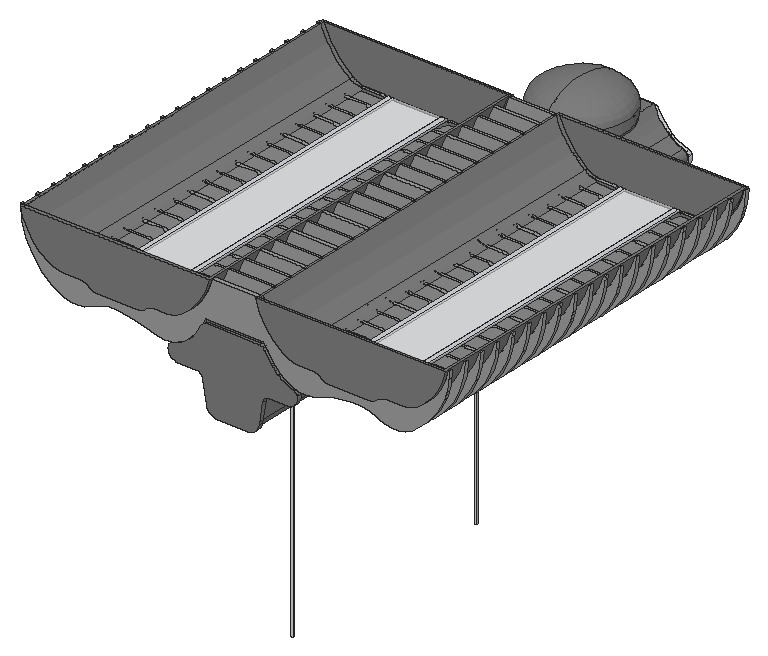
Revit family "0039277 Feilo Sylvania Lighting Fixtures SYLBAY LED 4000K 13KLM AISLE 1-10V PIR", category Lighting Fixtures, host Face, Revit 2017 (continued)
Definition of nested family "SylbayBody"
  Definition of nested family "SlybayRib"
    Forms (mm)
      Extrusion 2, solid, material <- "BodyMaterial"
        sketch origin (0, 0, 0) x (1, 0, 0) y (0, 0, 1)
          loop
            line (117.917, -43.728) -> (84.583, -43.728)
            arc (84.583, -43.728) -> (81.421, -43.215) -> (78.583, -41.728) r 10
            line (78.583, -41.728) -> (75.917, -39.728)
            arc (75.917, -39.728) -> (73.079, -38.242) -> (69.917, -37.728) r 10
            line (69.917, -37.728) -> (58.25, -37.728)
            arc (58.25, -37.728) -> (51.55, -36.705) -> (45.461, -33.728) r 22.443
            arc (45.461, -33.728) -> (30.027, -18.905) -> (20, 0) r 67.602
            line (20, 0) -> (-20, 0)
            arc (-20, 0) -> (-30.027, -18.905) -> (-45.461, -33.728) r 67.602
            arc (-45.461, -33.728) -> (-51.55, -36.705) -> (-58.25, -37.728) r 22.443
            line (-58.25, -37.728) -> (-69.917, -37.728)
            arc (-69.917, -37.728) -> (-73.079, -38.242) -> (-75.917, -39.728) r 10
            line (-75.917, -39.728) -> (-78.583, -41.728)
            arc (-78.583, -41.728) -> (-81.421, -43.215) -> (-84.583, -43.728) r 10
            line (-84.583, -43.728) -> (-117.917, -43.728)
            arc (-117.917, -43.728) -> (-121.079, -43.215) -> (-123.917, -41.728) r 10
            line (-123.917, -41.728) -> (-126.583, -39.728)
            arc (-126.583, -39.728) -> (-129.421, -38.242) -> (-132.583, -37.728) r 10
            line (-132.583, -37.728) -> (-145.75, -37.728)
            arc (-145.75, -37.728) -> (-153.193, -36.71) -> (-160.088, -33.728) r 27.697
            arc (-160.088, -33.728) -> (-176.046, -19.314) -> (-185.5, 0) r 56.788
            line (-185.5, 0) -> (-187.5, 0)
        from 1.25 <- "RibExtrusionStart_FEILO" to -1.25 <- "RibExtrusionEnd_FEILO"
    Dimensions and locks
      equal spacing: plane 5, plane 3 "Center (Left/Right)", plane 4
      locked: plane 5 to plane 4 at 375
      locked: plane 6 to plane 7 at 62.478
      locked: plane 6 to plane 8 at 53.728
      equal spacing: plane 10, plane 3 "Center (Left/Right)", plane 9
      plane 3 "Center (Left/Right)" to plane 9 = 102.75 mm
      locked: plane 6 to plane 11 at 33.728
      equal spacing: plane 13, plane 9, plane 12
      locked: plane 14 to plane 8 at 10
      equal spacing: plane 16, plane 9, plane 15
      locked: plane 9 to plane 15 at 20
      locked: plane 17 to plane 14 at 6
      equal spacing: plane 19, plane 9, plane 18
      locked: plane 15 to plane 18 at 8
      equal spacing: plane 21, plane 9, plane 20
      locked: plane 18 to plane 20 at 15
      locked: plane 13 to plane 22 at 5.3
      locked: plane 3 "Center (Left/Right)" to Extrusion 2 sketch curve at 83.982  (x2)
      locked: plane 3 "Center (Left/Right)" to Extrusion 2 sketch curve at 79.005  (x2)
      locked: plane 3 "Center (Left/Right)" to Extrusion 2 sketch curve at 119.907  (x2)
      locked: plane 3 "Center (Left/Right)" to Extrusion 2 sketch curve at 61.405  (x2)
      locked: plane 3 "Center (Left/Right)" to Extrusion 2 sketch curve at 138.973  (x2)
      locked: plane 3 "Center (Left/Right)" to Extrusion 2 sketch curve at 84.583  (x2)
      locked: plane 3 "Center (Left/Right)" to Extrusion 2 sketch curve at 117.917  (x2)
      locked: plane 3 "Center (Left/Right)" to Extrusion 2 sketch curve at 132.583  (x2)
      locked: plane 3 "Center (Left/Right)" to Extrusion 2 sketch curve at 69.917  (x2)
      locked: Extrusion 2 sketch curve to plane 6 at 21.825  (x2)
      locked: Extrusion 2 sketch curve to plane 6 at 0.822  (x2)
      locked: plane 6 to Extrusion 2 sketch curve at 10.994  (x2)
      locked: plane 6 to Extrusion 2 sketch curve at 15.285  (x2)
      locked: plane 6 to Extrusion 2 sketch curve at 31.076  (x2)
      locked: plane 6 to Extrusion 2 sketch curve at 33.728  (x4)
      locked: plane 6 to Extrusion 2 sketch curve at 29.917  (x2)
      locked: plane 6 to Extrusion 2 sketch curve at 47.728  (x4)
      locked: plane 6 to Extrusion 2 sketch curve at 100.413  (x2)
      locked: plane 6 to Extrusion 2 sketch curve at 141.419  (x2)
      locked: plane 3 "Center (Left/Right)" to Extrusion 2 sketch curve at 106.788  (x2)
      locked: plane 3 "Center (Left/Right)" to Extrusion 2 sketch curve at 104.198  (x2)
      locked: plane 3 "Center (Left/Right)" to Extrusion 2 sketch curve at 130.69  (x2)
      locked: Extrusion 2 sketch curve to plane 6 at 14.858  (x2)
      locked: plane 6 to Extrusion 2 sketch curve at 10.032  (x2)
      locked: plane 3 "Center (Left/Right)" to Extrusion 2 sketch curve at 145.75  (x2)
      aligned and locked: plane 2 to Extrusion 1
      aligned and locked: level to Extrusion 1
      aligned and locked: plane 6 to Extrusion 2 sketch curve
      aligned and locked: plane 4 to Extrusion 2 sketch curve
      aligned and locked: plane 17 to Extrusion 2 sketch curve
      aligned and locked: plane 14 to Extrusion 2 sketch curve
      aligned and locked: Extrusion 2 sketch curve to plane 17
      aligned and locked: plane 8 to Extrusion 2 sketch curve  (x3)
      aligned and locked: plane 2 to plane 6
      aligned and locked: plane 20 to Extrusion 2 sketch curve
      aligned and locked: plane 11 to Extrusion 2 sketch curve  (x2)
      aligned and locked: plane 12 to Extrusion 2 sketch curve
      aligned and locked: Extrusion 2 sketch curve to plane 6
      aligned and locked: Extrusion 2 sketch curve to level
      aligned and locked: Extrusion 2 sketch curve to plane 11
    Automatic sketch dimensions
      Extrusion 1 sketch curve to Extrusion 1 sketch curve = 2438.4 mm  (x2)
      Extrusion 2 sketch curve to plane 11 = 0 mm  (x6)
      Extrusion 2 sketch curve to plane 8 = 0 mm  (x7)
      Extrusion 2 sketch curve to plane 17 = 0 mm
      Extrusion 2 sketch curve to plane 5 = 0 mm
      Extrusion 2 sketch curve to plane 14 = 0 mm
      Extrusion 2 sketch curve to plane 17 = 2 mm  (x3)
      Extrusion 2 sketch curve to plane 15 = 1.167 mm
      plane 14 to Extrusion 2 sketch curve = 2 mm  (x3)
      Extrusion 2 sketch curve to plane 19 = 1.167 mm
Definition of nested family "SlybayRib"
  Parameters (values of type "SylbayRib")
    URL = "http://www.feilosylvania.com"
    Type Image = (empty or 0)
    Type Comments = "n/a"
    RibThickness_FEILO = 2.5 mm
    RibExtrusionStart_FEILO = RibThickness_FEILO / 2  # 1.25 mm
    RibExtrusionEnd_FEILO = -RibThickness_FEILO / 2  # -1.25 mm
    RibDistance_FEILO = 0 mm
    Model = ""
    Manufacturer = "Feilo Sylvania"
    Keynote = ""
    Description = "n/a"
    Default Elevation = 1219.2 mm
    Cost = 0
    BodyMaterial = none
    Assembly Code = ""
  Reference planes
    plane 1 "Center (Front/Back)": y = 0
    plane 2: z = 0
    plane 3 "Center (Left/Right)": x = 0
    plane 4: x = -187.5
    plane 5: x = 187.5
    plane 6: z = 0
    plane 7: z = -62.478
    plane 8: z = -53.728
    plane 9: x = -102.75
    plane 10: x = 102.75
    plane 11: z = -33.728
    plane 12: x = -185.5
    plane 13: x = -20
    plane 14: z = -43.728
    plane 15: x = -122.75
    plane 16: x = -82.75
    plane 17: z = -37.728
    plane 18: x = -130.75
    plane 19: x = -74.75
    plane 20: x = -145.75
    plane 21: x = -59.75
    plane 22: x = -25.3
  Forms (mm)
    Extrusion 1, solid
      sketch origin (4.2, 0, 0) x (1, 0, 0) y (0, 1, 0)
        loop
          line (-1219.2, 1219.2) -> (-1219.2, -1219.2) -> (1219.2, -1219.2) -> (1219.2, 1219.2) -> (-1219.2, 1219.2)
      from 0 to -304.8
    Extrusion 2, solid, material <- "BodyMaterial"
      sketch origin (0, 0, 0) x (1, 0, 0) y (0, 0, 1)
        loop
          arc (-187.5, 0) -> (-180.003, -30.129) -> (-159.829, -53.728) r 67.598
          arc (-159.829, -53.728) -> (-143.258, -61.567) -> (-125.169, -58.599) r 30.791
          arc (-125.169, -58.599) -> (-113.533, -54.576) -> (-101.25, -53.728) r 46.777
          arc (-101.25, -53.728) -> (-87.202, -55.765) -> (-73.664, -60.037) r 87.865
          arc (-73.664, -60.037) -> (-55.541, -61.903) -> (-39.258, -53.728) r 32.519
          arc (-39.258, -53.728) -> (-31.199, -44.469) -> (-25.254, -33.728) r 58.361
          line (-25.254, -33.728) -> (25.254, -33.728)
          arc (25.254, -33.728) -> (31.199, -44.469) -> (39.258, -53.728) r 58.361
          arc (39.258, -53.728) -> (55.541, -61.903) -> (73.664, -60.037) r 32.519
          arc (73.664, -60.037) -> (87.202, -55.765) -> (101.25, -53.728) r 87.865
          arc (101.25, -53.728) -> (113.533, -54.576) -> (125.169, -58.599) r 46.777
          arc (125.169, -58.599) -> (143.258, -61.567) -> (159.829, -53.728) r 30.791
          arc (159.829, -53.728) -> (180.003, -30.129) -> (187.5, 0) r 67.598
          line (187.5, 0) -> (185.5, 0)
          arc (185.5, 0) -> (176.046, -19.314) -> (160.088, -33.728) r 56.788
          arc (160.088, -33.728) -> (153.193, -36.71) -> (145.75, -37.728) r 27.697
          line (145.75, -37.728) -> (132.583, -37.728)
          arc (132.583, -37.728) -> (129.421, -38.242) -> (126.583, -39.728) r 10
          line (126.583, -39.728) -> (123.917, -41.728)
          arc (123.917, -41.728) -> (121.079, -43.215) -> (117.917, -43.728) r 10
          line (117.917, -43.728) -> (84.583, -43.728)
          arc (84.583, -43.728) -> (81.421, -43.215) -> (78.583, -41.728) r 10
          line (78.583, -41.728) -> (75.917, -39.728)
          arc (75.917, -39.728) -> (73.079, -38.242) -> (69.917, -37.728) r 10
          line (69.917, -37.728) -> (58.25, -37.728)
          arc (58.25, -37.728) -> (51.55, -36.705) -> (45.461, -33.728) r 22.443
          arc (45.461, -33.728) -> (30.027, -18.905) -> (20, 0) r 67.602
          line (20, 0) -> (-20, 0)
          arc (-20, 0) -> (-30.027, -18.905) -> (-45.461, -33.728) r 67.602
          arc (-45.461, -33.728) -> (-51.55, -36.705) -> (-58.25, -37.728) r 22.443
          line (-58.25, -37.728) -> (-69.917, -37.728)
          arc (-69.917, -37.728) -> (-73.079, -38.242) -> (-75.917, -39.728) r 10
          line (-75.917, -39.728) -> (-78.583, -41.728)
          arc (-78.583, -41.728) -> (-81.421, -43.215) -> (-84.583, -43.728) r 10
          line (-84.583, -43.728) -> (-117.917, -43.728)
          arc (-117.917, -43.728) -> (-121.079, -43.215) -> (-123.917, -41.728) r 10
          line (-123.917, -41.728) -> (-126.583, -39.728)
          arc (-126.583, -39.728) -> (-129.421, -38.242) -> (-132.583, -37.728) r 10
          line (-132.583, -37.728) -> (-145.75, -37.728)
          arc (-145.75, -37.728) -> (-153.193, -36.71) -> (-160.088, -33.728) r 27.697
          arc (-160.088, -33.728) -> (-176.046, -19.314) -> (-185.5, 0) r 56.788
          line (-185.5, 0) -> (-187.5, 0)
      from 1.25 <- "RibExtrusionStart_FEILO" to -1.25 <- "RibExtrusionEnd_FEILO"
  Dimensions and locks
    equal spacing: plane 5, plane 3 "Center (Left/Right)", plane 4
    locked: plane 5 to plane 4 at 375
    locked: plane 6 to plane 7 at 62.478
    locked: plane 6 to plane 8 at 53.728
    equal spacing: plane 10, plane 3 "Center (Left/Right)", plane 9
    plane 3 "Center (Left/Right)" to plane 9 = 102.75 mm
    locked: plane 6 to plane 11 at 33.728
    equal spacing: plane 13, plane 9, plane 12
    locked: plane 14 to plane 8 at 10
    equal spacing: plane 16, plane 9, plane 15
    locked: plane 9 to plane 15 at 20
    locked: plane 17 to plane 14 at 6
    equal spacing: plane 19, plane 9, plane 18
    locked: plane 15 to plane 18 at 8
    equal spacing: plane 21, plane 9, plane 20
    locked: plane 18 to plane 20 at 15
    locked: plane 13 to plane 22 at 5.3
    locked: plane 3 "Center (Left/Right)" to Extrusion 2 sketch curve at 83.982  (x2)
    locked: plane 3 "Center (Left/Right)" to Extrusion 2 sketch curve at 79.005  (x2)
    locked: plane 3 "Center (Left/Right)" to Extrusion 2 sketch curve at 119.907  (x2)
    locked: plane 3 "Center (Left/Right)" to Extrusion 2 sketch curve at 61.405  (x2)
    locked: plane 3 "Center (Left/Right)" to Extrusion 2 sketch curve at 138.973  (x2)
    locked: plane 3 "Center (Left/Right)" to Extrusion 2 sketch curve at 84.583  (x2)
    locked: plane 3 "Center (Left/Right)" to Extrusion 2 sketch curve at 117.917  (x2)
    locked: plane 3 "Center (Left/Right)" to Extrusion 2 sketch curve at 132.583  (x2)
    locked: plane 3 "Center (Left/Right)" to Extrusion 2 sketch curve at 69.917  (x2)
    locked: Extrusion 2 sketch curve to plane 6 at 21.825  (x2)
    locked: Extrusion 2 sketch curve to plane 6 at 0.822  (x2)
    locked: plane 6 to Extrusion 2 sketch curve at 10.994  (x2)
    locked: plane 6 to Extrusion 2 sketch curve at 15.285  (x2)
    locked: plane 6 to Extrusion 2 sketch curve at 31.076  (x2)
    locked: plane 6 to Extrusion 2 sketch curve at 33.728  (x4)
    locked: plane 6 to Extrusion 2 sketch curve at 29.917  (x2)
    locked: plane 6 to Extrusion 2 sketch curve at 47.728  (x4)
    locked: plane 6 to Extrusion 2 sketch curve at 100.413  (x2)
    locked: plane 6 to Extrusion 2 sketch curve at 141.419  (x2)
    locked: plane 3 "Center (Left/Right)" to Extrusion 2 sketch curve at 106.788  (x2)
    locked: plane 3 "Center (Left/Right)" to Extrusion 2 sketch curve at 104.198  (x2)
    locked: plane 3 "Center (Left/Right)" to Extrusion 2 sketch curve at 130.69  (x2)
    locked: Extrusion 2 sketch curve to plane 6 at 14.858  (x2)
    locked: plane 6 to Extrusion 2 sketch curve at 10.032  (x2)
    locked: plane 3 "Center (Left/Right)" to Extrusion 2 sketch curve at 145.75  (x2)
    aligned and locked: plane 2 to Extrusion 1
    aligned and locked: level to Extrusion 1
    aligned and locked: plane 6 to Extrusion 2 sketch curve
    aligned and locked: plane 4 to Extrusion 2 sketch curve
    aligned and locked: plane 17 to Extrusion 2 sketch curve
    aligned and locked: plane 14 to Extrusion 2 sketch curve
    aligned and locked: Extrusion 2 sketch curve to plane 17
    aligned and locked: plane 8 to Extrusion 2 sketch curve  (x3)
    aligned and locked: plane 2 to plane 6
    aligned and locked: plane 20 to Extrusion 2 sketch curve
    aligned and locked: plane 11 to Extrusion 2 sketch curve  (x2)
    aligned and locked: plane 12 to Extrusion 2 sketch curve
    aligned and locked: Extrusion 2 sketch curve to plane 6
    aligned and locked: Extrusion 2 sketch curve to level
    aligned and locked: Extrusion 2 sketch curve to plane 11
  Automatic sketch dimensions
    Extrusion 1 sketch curve to Extrusion 1 sketch curve = 2438.4 mm  (x2)
    Extrusion 2 sketch curve to plane 11 = 0 mm  (x6)
    Extrusion 2 sketch curve to plane 8 = 0 mm  (x7)
    Extrusion 2 sketch curve to plane 17 = 0 mm
    Extrusion 2 sketch curve to plane 5 = 0 mm
    Extrusion 2 sketch curve to plane 14 = 0 mm
    Extrusion 2 sketch curve to plane 17 = 2 mm  (x3)
    Extrusion 2 sketch curve to plane 15 = 1.167 mm
    plane 14 to Extrusion 2 sketch curve = 2 mm  (x3)
    Extrusion 2 sketch curve to plane 19 = 1.167 mm
